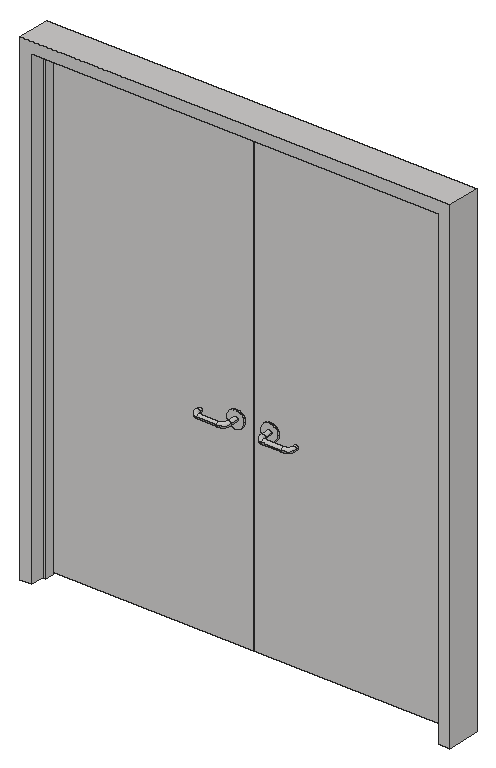
Revit family "Door_StainlessSteel_Ambico_Double-Flush", category Doors, host Wall, Revit 2026
Family settings
  Host = Wall
  Classification Number = 23.30.10.14.11
  Always vertical = Yes
  Cut with Voids When Loaded = No
  Shared = No
  Room Calculation Point = No
Parameters (values of type "316 Fire Rated as Specified")
  ofst = 0' - 0"  # constant formula
  Wind Load = ""
  Water Penetration = ""
  Sound Transmission Class (STC) = 0
  RO Offset = 0' - 0"
  Panel Height = Height - 0' 0 1/4"  # 6' - 11 3/4"
  Hardware Finish = Metal - Stainless Steel - Ambico - 4 Finish
  Handle Type Interior [instance] = Handle_Generic Lever : Handle_Generic Lever
  Handle Type Exterior [instance] = Handle_Generic Lever : Handle_Generic Lever
  Handle Height = 3' - 0"
  Function = Interior
  Frame Width = 0' - 2"
  Frame Thickness = 0' - 5 7/8"
  Frame Inset from Exterior [instance] = 0' - 0"
  Frame Finish = Metal - Stainless Steel - Ambico - 2B Finish
  Building Code Conformance = ""
  Air Infiltration = ""
  ASTM Conformance = ""
  Panel Width = Width / 2  # 3' - 0"
  Panel Material = Metal - Stainless Steel - Ambico - 2B Finish
  Manufacturer Phone = "613-746-4663 "
  Warranty Duration (Years) = 0
  URL = "http://www.ambico.com/"
  Thickness = 0' - 1 3/4"
  Test Data = ""
  Specification = "http://www.arcat.com/sd/clients/ambico.html?coid=40356"
  SpecWizard = ""
  Send Message = "http://www.arcat.com/users.pl?action=UserEmail&company=Ambico Limited&coid=40356&rep=119&fax=800-465-8561&mf="
  Sales Information = "http://www.ambico.com/contact.html"
  Rough Width = (Width + (RO Offset * 2))  # 6' - 0"
  Rough Height = (Height + (RO Offset))  # 7' - 0"
  Product Properties = ""
  Product Data = "http://www.arcat.com/arcatcos/cos40/arc40356.html"
  Manufacturer Website = "http://www.ambico.com/"
  Manufacturer Phone - Toll Free = "888-423-2224"
  Manufacturer Fax = "800-465-8561"
  Manufacturer Address = "1120 Cummings Ave. Ottawa, ON Canada K1J 7R8"
  Maintenance Schedule (Months) = 0
  Installation-Fabrication = "http://www.ambico.com/specs-a-cads-library.html"
  Installation Phase = ""
  Green Building-LEED = "http://www.arcat.com/green/clients/leed_data_40356.html"
  Model = "Stainless Steel Fire Rated"
  Manufacturer = "Ambico Limited"
  Keynote = "08300"
  Height = 7' - 0"
  Wall Closure = By host
  Width = 6' - 0"
  Fire Rating = "1.5 HR"
  Expected Lifespan (Years) = 0
  Drawn By = "Sumex Design, Inc. / Robert S. Weygant, CSI, CDT, SCIP"
  Description = "Ambico Fire Rated Stainless Steel Door - Pair as Specified"
  Copyright = "©Arcat Inc."
  Construction Details = "http://www.arcat.com/details/ambico/ambico.html?coid=40356"
  Building Codes = ""
  Assembly Code = ""
  ADA Compliant = yes
  AAMA Designation = ""
Types (4): name | Model | Fire Rating | Description
  304 as Specified | "Stainless Steel" | "NFR" | "Ambico Stainless Steel Door - Pair as Specified"
  316 as Specified | "Stainless Steel" | "NFR" | "Ambico Stainless Steel Door - Pair as Specified"
  304 Fire Rated as Specified | "Stainless Steel Fire Rated" | "1.5 HR" | "Ambico Fire Rated Stainless Steel Door - Pair as Specified"
  316 Fire Rated as Specified | "Stainless Steel Fire Rated" | "1.5 HR" | "Ambico Fire Rated Stainless Steel Door - Pair as Specified"
Reference planes (in)
  plane 1 "Center (Front/Back)": y = -34.46225
  plane 2 "Center (Left/Right)": x = 62.28704
  plane 3: z = 0
  plane 4 "Right": x = 100.28704
  plane 5 "Left": x = 24.28704
  plane 6 "Closure": y = -36.46225
  plane 7: z = 0
  plane 8 "Top of Frame": z = 86
  plane 9 "RO Top": z = 86
  plane 10 "RO Right": x = 100.28704
  plane 11 "RO Left": x = 24.28704
  plane 12 "Frame Ext": y = -31.96225
  plane 13 "Frame Int": y = -37.83725
  plane 14: x = 98.28704
  plane 15: x = 26.28704
  plane 16: z = 84
  plane 17: z = 36
  plane 18: y = -33.71225
  plane 19: y = -33.71225
  plane 20: y = -31.96225
Forms (in)
  Sweep 1, solid, material "Metal - Stainless Steel - Ambico - 2B Finish" <- "Frame Finish"
    path origin (1.99114, -31.96225, 48) x (-1, 0, 0) y (0, 0, 1)
      loop
        line (-98.2959, -48) -> (-98.2959, 38) -> (-22.2959, 38) -> (-22.2959, -48)
    profile "P_Frame_Standard : P_Frame_Standard" origin (100.28704, -31.96225, 43) x (1, 0, 0) y (0, 1, 0)
      loop
        line (0, 0) -> (-2, 0) -> (-2, -1.9375) -> (-2.625, -1.9375) -> (-2.625, -3.4375) -> (-2, -3.4375) -> (-2, -5.875) -> (0, -5.875) -> (0, 0)
Lines and regions (in)
  Opening 1
    outline origin (-109.33485, -36.46225, 0) x (1, 0, 0) y (0, 0, 1)
      loop
        line (133.62189, 0) -> (209.62189, 0) -> (209.62189, 86) -> (133.62189, 86) -> (133.62189, 0)
Text (in)
  text "Exterior" at (-6.04475, -12.04312, 0), in view "Plan"
  text "Interior" at (-6.04475, -49.12701, 0), in view "Plan"
  text "Exterior" at (0, -17.98638, 123.01588), in view "Right"
  text "Interior" at (0, -64.39139, 123.01588), in view "Right"
  text "Interior" at (0, -52.09468, 121.14095), in view "Left"
  text "Exterior" at (0, 26.35325, 123.00693), in view "Left"
Dimensions and locks (in)
  equal spacing: plane 4 "Right", plane 2 "Center (Left/Right)", plane 5 "Left"
  "Height": level to plane 16
  "RO Offset": plane 5 "Left" to plane 11 "RO Left"
  "RO Offset": plane 10 "RO Right" to plane 4 "Right"
  "RO Offset": plane 9 "RO Top" to plane 8 "Top of Frame"
  "Frame Thickness": plane 12 "Frame Ext" to plane 13 "Frame Int"
  "Frame Width": plane 16 to plane 8 "Top of Frame"
  "Frame Width": plane 4 "Right" to plane 14
  "Frame Width": plane 5 "Left" to plane 15
  "Frame Inset from Exterior": plane 20 to plane 12 "Frame Ext"
  "Handle Height": level to plane 17
  locked: plane 2 "Center (Left/Right)" to nested 3 at 3
  locked: plane 2 "Center (Left/Right)" to nested 2 at 3
  "Thickness": plane 12 "Frame Ext" to plane 19
  "ofst": plane 18 to plane 19
  locked: plane 2 "Center (Left/Right)" to nested 5 at 3
  locked: plane 2 "Center (Left/Right)" to nested 6 at 3
  locked: plane 20 to host wall at 0.5
  "Width": plane 15 to plane 14
  aligned and locked: host wall to plane 1 "Center (Front/Back)"
  aligned and locked: host wall to plane 6 "Closure"
  aligned and locked: plane 12 "Frame Ext" to nested 1
  aligned and locked: plane 17 to nested 3
  aligned and locked: nested 2 to plane 17
  aligned and locked: nested 1 to plane 14
  aligned and locked: nested 4 to plane 15
  aligned and locked: plane 12 "Frame Ext" to nested 4
  aligned and locked: nested 5 to plane 17
  aligned and locked: plane 17 to nested 6
Automatic sketch dimensions
  Opening 1 sketch curve to plane 9 "RO Top" = 0' - 0"
  Opening 1 sketch curve to plane 11 "RO Left" = 0' - 0"
  Opening 1 sketch curve to plane 10 "RO Right" = 0' - 0"
  Opening 1 sketch curve to level = 0' - 0"
  Sweep 1 sketch curve to plane 4 "Right" = 0' - 0"
  Sweep 1 sketch curve to plane 5 "Left" = 0' - 0"
  Sweep 1 sketch curve to level = 0' - 0"  (x2)
  Sweep 1 sketch curve to plane 8 "Top of Frame" = 0' - 0"
Nested families (in)
  nested 1: "Panel_Flush" at (80.28704, -32.83725, 0.25) x (-1, 0, 0) z (0, 0, 1), Material <- "Panel Material", Width <- "Panel Width", Thickness <- "Thickness", Height <- "Panel Height", type "Panel_Flush"
    with offset 0' - 0", Width 3' - 0", Thickness 0' - 1 3/4", Offset 0' - 0", Material Metal - Stainless Steel - Ambico - 2B Finish, Inactive Leaf yes, Height 6' - 11 3/4", Applied Panel no, Active Leaf no
  nested 2: "Handle_Generic Lever" at (65.28704, -31.96225, 36) x (-1, 0, 0) z (0, 1, 0), Material <- "Hardware Finish", type <- "Handle Type Exterior", type "Handle_Generic Lever"
    with Material Metal - Stainless Steel - Ambico - 4 Finish
  nested 3: "Handle_Generic Lever" at (65.28704, -33.71225, 36) x (-1, 0, 0) z (0, -1, 0), Material <- "Hardware Finish", type <- "Handle Type Interior", type "Handle_Generic Lever"
    with Material Metal - Stainless Steel - Ambico - 4 Finish
  nested 4: "Panel_Flush" at (44.28704, -32.83725, 0.25), Material <- "Panel Material", Width <- "Panel Width", Thickness <- "Thickness", Height <- "Panel Height", type "Panel_Flush"
    with offset 0' - 0", Width 3' - 0", Thickness 0' - 1 3/4", Offset 0' - 1", Material Metal - Stainless Steel - Ambico - 2B Finish, Inactive Leaf no, Height 6' - 11 3/4", Applied Panel no, Active Leaf yes
  nested 5: "Handle_Generic Lever" at (59.28704, -33.71225, 36) x (1, 0, 0) z (0, -1, 0), Material <- "Hardware Finish", type <- "Handle Type Interior", type "Handle_Generic Lever"
    with Material Metal - Stainless Steel - Ambico - 4 Finish
  nested 6: "Handle_Generic Lever" at (59.28704, -31.96225, 36) x (1, 0, 0) z (0, 1, 0), Material <- "Hardware Finish", type <- "Handle Type Exterior", type "Handle_Generic Lever"
    with Material Metal - Stainless Steel - Ambico - 4 Finish
Definition of nested family "Panel_Flush"
  Parameters
    offset [instance] = 0' - 0"
    Width [instance] = 3' - 0"
    Warranty Duration (Years) = 0
    URL = "http://www.ambico.com/"
    Thickness [instance] = 0' - 2"
    Specification = "http://www.arcat.com/sd/clients/ambico.html?coid=40356"
    SpecWizard = ""
    Send Message = "http://www.arcat.com/users.pl?action=UserEmail&company=Ambico Limited&coid=40356&rep=119&fax=800-465-8561&mf="
    Sales Information = "http://www.ambico.com/contact.html"
    Revision = "R1_03-2012"
    Product Properties = ""
    Product Data = "http://www.arcat.com/arcatcos/cos40/arc40356.html"
    Offset [instance] = if(Inactive Leaf, 0' 0", if(Active Leaf, 0' 1", 0' 0 1/2"))  # 0' - 0"
    Model = "As Specified"
    Material [instance] = none
    Manufacturer Website = "http://www.ambico.com/"
    Manufacturer Phone - Toll Free = "888-423-2224"
    Manufacturer Phone = "613-746-4663 "
    Manufacturer Fax = "800-465-8561"
    Manufacturer Address = "1120 Cummings Ave. Ottawa, ON Canada K1J 7R8"
    Manufacturer = "Ambico Limited"
    Maintenance Schedule (Months) = 0
    Keynote = "08300"
    Installation-Fabrication = "http://www.ambico.com/specs-a-cads-library.html"
    Installation Phase = ""
    Inactive Leaf [instance] = yes
    Height [instance] = 7' - 0"
    Green Building-LEED = "http://www.arcat.com/green/clients/leed_data_40356.html"
    Expected Lifespan (Years) = 0
    Drawn By = "Sumex Design, Inc. / Robert S. Weygant, CSI, CDT, SCIP"
    Description = "Ambico Door Product as Specified"
    Default Elevation = 4' - 0"
    Copyright = "©Arcat Inc."
    Construction Details = "http://www.arcat.com/details/ambico/ambico.html?coid=40356"
    Assembly Code = ""
    Applied Panel [instance] = yes
    Active Leaf [instance] = yes
  Reference planes (in)
    plane 1 "Center (Front/Back)": y = 0
    plane 2 "Bottom": z = 0
    plane 3 "Center (Left/Right)": x = 0
    plane 4 "Front": y = -1
    plane 5 "Back": y = 1
    plane 6 "Left": x = -18
    plane 7 "Right": x = 18
    plane 8 "Top": z = 84
    plane 9: z = 42
    plane 10: x = 18.5
  Forms (in)
    Extrusion 1, solid, material <- "Material"
      sketch origin (0, 1, 0) x (-1, 0, 0) y (0, 0, 1)
        loop
          line (18, 84) -> (-18, 84) -> (-18, 0) -> (18, 0) -> (18, 84)
      from 0 to -2
    Extrusion 2, solid, material <- "Material", visible <- "Applied Panel"
      sketch origin (-11.94222, -1, 48) x (-1, 0, 0) y (0, 0, 1)
        loop
          line (5.55778, 35.5) -> (-30.44222, 35.5) -> (-30.44222, -48) -> (5.55778, -48) -> (5.55778, 35.5)
      from 0 to -1
  Lines and regions (in)
    symbolic lines
      curve 1: line (18, 0, 84) -> (-18, 0, 42)
      curve 2: line (-18, 0, 42) -> (18, 0, 0)
      curve 3: arc (18, 1, 0) -> (7.45584, 26.45584, 0) -> (-18, 37, 0) r 36
      curve 4: line (-18, 37, 0) -> (-18, 1, 0)
  Dimensions and locks (in)
    equal spacing: plane 6 "Left", plane 3 "Center (Left/Right)", plane 7 "Right"
    "Width": plane 6 "Left" to plane 7 "Right"
    equal spacing: plane 5 "Back", plane 1 "Center (Front/Back)", plane 4 "Front"
    "Thickness": plane 5 "Back" to plane 4 "Front"
    "Height": plane 8 "Top" to level
    equal spacing: plane 8 "Top", plane 9, level
    locked: plane 10 to plane 7 "Right" at 0.5
    "Offset": plane 10 to Extrusion 2 sketch curve
    aligned and locked: Extrusion 1 to plane 4 "Front"
  Automatic sketch dimensions
    Extrusion 1 sketch curve to plane 7 "Right" = 0' - 0"
    Extrusion 1 sketch curve to level = 0' - 0"
    Extrusion 1 sketch curve to plane 6 "Left" = 0' - 0"
    Extrusion 1 sketch curve to plane 8 "Top" = 0' - 0"
    curve 1 to plane 6 "Left" = 0' - 0"
    curve 2 to level = 0' - 0"
    curve 2 to plane 7 "Right" = 0' - 0"
    curve 1 to plane 7 "Right" = 0' - 0"
    curve 1 to plane 9 = 0' - 0"
    curve 1 to plane 8 "Top" = 0' - 0"
    curve 4 to plane 5 "Back" = 0' - 0"
    curve 3 to plane 6 "Left" = 0' - 0"
    curve 3 to plane 5 "Back" = 0' - 0"
    curve 3 to plane 7 "Right" = 0' - 0"
    Extrusion 2 sketch curve to level = 0' - 0"
    plane 6 "Left" to Extrusion 2 sketch curve = 0' - 0 1/2"
    Extrusion 2 sketch curve to plane 8 "Top" = 0' - 0 1/2"
Definition of nested family "Handle_Generic Lever"
  Parameters
    Material [instance] = none
    Default Elevation = 4' - 0"
  Reference planes (in)
    plane 1 "Center (Front/Back)": y = 0
    plane 2: z = 0
    plane 3 "Center (Left/Right)": x = 0
  Forms (in)
    Sweep 1, solid, material <- "Material"
      path origin (0, 0, 0) x (1, 0, 0) y (0, 0, 1)
        loop
          line (0, 0) -> (0, 1.76511)
          arc (0, 1.76511) -> (-0.29289, 2.47221) -> (-1, 2.76511) r 1
          line (-1, 2.76511) -> (-4.5, 2.76511)
          arc (-4.5, 2.76511) -> (-5.20711, 2.47221) -> (-5.5, 1.76511) r 1
          line (-5.5, 1.76511) -> (-5.5, 1.26511)
      profile origin (0, 0, 0.88255) x (-1, 0, 0) y (0, -1, 0)
        loop
          circle (0, 0) r 0.375
    Extrusion 2, solid, material <- "Material"
      sketch origin (0, 0, 0) x (1, 0, 0) y (0, 1, 0)
        loop
          circle (0, 0) r 1.5
      from 0 to 0.25
  Cuts and joins
    joined: Sweep 1, Extrusion 2
